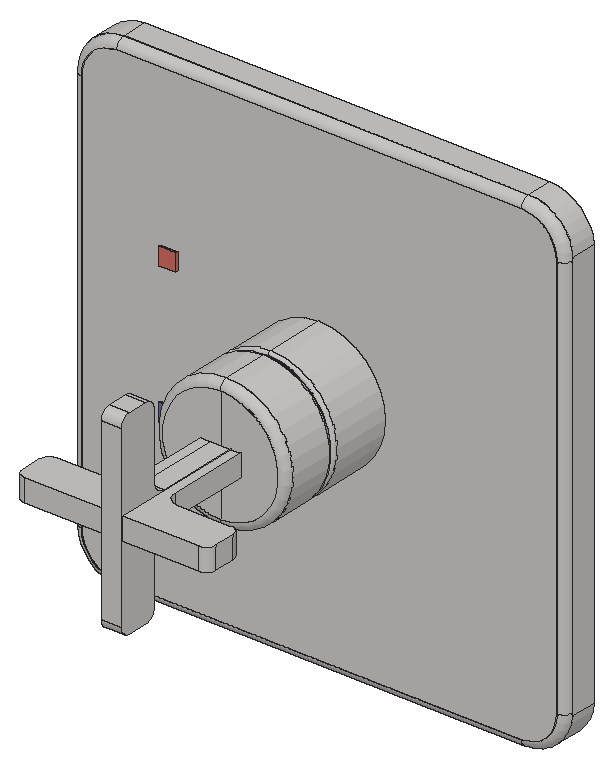
Revit family "CPT-25001", category Plumbing Fixtures, Revit 2023
Family settings
  Round Connector Dimension = Use Diameter
  Part Type = Normal
  OmniClass Number = 23.45.00.00
  OmniClass Title = Sanitary, Laundry, and Cleaning Equipment
  Work Plane-Based = No
  Enable Cutting in Views = No
  Always vertical = Yes
  Cut with Voids When Loaded = No
  Maintain Annotation Orientation = No
  Shared = No
  Room Calculation Point = No
Parameters
  Default Elevation = 0"
Reference planes (in)
  plane 1 "Center (Front/Back)": y = 0
  plane 2: z = 0
  plane 3 "Center (Left/Right)": x = 0
  plane 4: z = 7
  plane 5 "Center L/U": y = -0.5
  plane 6 "Center L/DD": x = -3.5
  plane 7 "Center L/EE": x = 3.5
  plane 8 "Center L/FF": y = -4.1875
  plane 9: z = 4.4375
  plane 10: z = 2.5625
  plane 11 "Center L/GG": y = -2.25
  plane 12: z = 4.875
  plane 13: z = 2.0625
Forms (in)
  Extrusion 1, solid, material "Default"
    sketch origin (0, 0, 0) x (1, 0, 0) y (0, 0, 1)
      loop
        arc (-2.875, 7) -> (-3.30186, 6.83122) -> (-3.5, 6.41718) r 0.62825
        line (-3.5, 6.41718) -> (-3.5, 0.58282)
        arc (-3.5, 0.58282) -> (-3.30186, 0.16878) -> (-2.875, 0) r 0.62825
        line (-2.875, 0) -> (2.875, 0)
        arc (2.875, 0) -> (3.30186, 0.16878) -> (3.5, 0.58282) r 0.62825
        line (3.5, 0.58282) -> (3.5, 6.41718)
        arc (3.5, 6.41718) -> (3.30186, 6.83122) -> (2.875, 7) r 0.62825
        line (2.875, 7) -> (-2.875, 7)
    from 0 to 0.36568
  Revolve 2, solid, material "Default"
    sketch origin (0, -0.63104, 1.5) x (0, 1, 0) y (0, 0, 1)
      loop
        line (0.13104, 2) -> (0.13104, 2.9375) -> (-0.72513, 2.9375)
        arc (-0.72513, 2.9375) -> (-0.75821, 2.9238) -> (-0.77191, 2.89072) r 0.04678
        line (-0.77191, 2.89072) -> (-0.77191, 2.3359) -> (-0.80646, 2.3359) -> (-0.80646, 2.89072)
        arc (-0.80646, 2.89072) -> (-0.82016, 2.9238) -> (-0.85324, 2.9375) r 0.04678
        line (-0.85324, 2.9375) -> (-1.50071, 2.9375)
        arc (-1.50071, 2.9375) -> (-1.58432, 2.90287) -> (-1.61896, 2.81925) r 0.11825
        line (-1.61896, 2.81925) -> (-1.61896, 2) -> (0.13104, 2)
      axis (-1.61896, 2) -> (0.13104, 2)
    angle from 0 to 360
  Extrusion 3, solid, material "Default"
    sketch origin (0, -0.8125, 1.46875) x (0, 1, 0) y (0, 0, 1)
      loop
        arc (-2.60573, 2.15625) -> (-2.7422, 2.21278) -> (-2.79873, 2.34925) r 0.193
        line (-2.79873, 2.34925) -> (-2.79873, 3.26598)
        arc (-2.79873, 3.26598) -> (-2.83981, 3.36517) -> (-2.939, 3.40625) r 0.14027
        line (-2.939, 3.40625) -> (-3.23473, 3.40625)
        arc (-3.23473, 3.40625) -> (-3.33392, 3.36517) -> (-3.375, 3.26598) r 0.14027
        line (-3.375, 3.26598) -> (-3.375, 0.73402)
        arc (-3.375, 0.73402) -> (-3.33392, 0.63483) -> (-3.23473, 0.59375) r 0.14027
        line (-3.23473, 0.59375) -> (-2.939, 0.59375)
        arc (-2.939, 0.59375) -> (-2.83981, 0.63483) -> (-2.79873, 0.73402) r 0.14027
        line (-2.79873, 0.73402) -> (-2.79873, 1.65075)
        arc (-2.79873, 1.65075) -> (-2.7422, 1.78722) -> (-2.60573, 1.84375) r 0.193
        line (-2.60573, 1.84375) -> (-1.4375, 1.84375) -> (-1.4375, 2.15625) -> (-2.60573, 2.15625)
    from -0.14062 to 0.14063
  Extrusion 4, solid, material "Default"
    sketch origin (2, -0.8125, 3.46875) x (0, 1, 0) y (-1, 0, 0)
      loop
        arc (-2.60573, 2.28125) -> (-2.7422, 2.33778) -> (-2.79873, 2.47425) r 0.193
        line (-2.79873, 2.47425) -> (-2.79873, 3.23473)
        arc (-2.79873, 3.23473) -> (-2.83981, 3.33392) -> (-2.939, 3.375) r 0.14027
        line (-2.939, 3.375) -> (-3.23473, 3.375)
        arc (-3.23473, 3.375) -> (-3.33392, 3.33392) -> (-3.375, 3.23473) r 0.14027
        line (-3.375, 3.23473) -> (-3.375, 0.76527)
        arc (-3.375, 0.76527) -> (-3.33392, 0.66608) -> (-3.23473, 0.625) r 0.14027
        line (-3.23473, 0.625) -> (-2.939, 0.625)
        arc (-2.939, 0.625) -> (-2.83981, 0.66608) -> (-2.79873, 0.76527) r 0.14027
        line (-2.79873, 0.76527) -> (-2.79873, 1.52575)
        arc (-2.79873, 1.52575) -> (-2.7422, 1.66222) -> (-2.60573, 1.71875) r 0.193
        line (-2.60573, 1.71875) -> (-1.4375, 1.71875) -> (-1.4375, 2.28125) -> (-2.60573, 2.28125)
    from -0.15625 to 0.15625
  Extrusion 5, solid, material "Default"
    sketch origin (0, -0.125, 0.125) x (1, 0, 0) y (0, 0, 1)
      loop
        arc (-2.875, 6.75) -> (-3.22855, 6.60355) -> (-3.375, 6.25) r 0.5
        line (-3.375, 6.25) -> (-3.375, 0.5)
        arc (-3.375, 0.5) -> (-3.22855, 0.14645) -> (-2.875, 0) r 0.5
        line (-2.875, 0) -> (2.875, 0)
        arc (2.875, 0) -> (3.22855, 0.14645) -> (3.375, 0.5) r 0.5
        line (3.375, 0.5) -> (3.375, 6.25)
        arc (3.375, 6.25) -> (3.22855, 6.60355) -> (2.875, 6.75) r 0.5
        line (2.875, 6.75) -> (-2.875, 6.75)
    from 0.24068 to 0.375
  Sweep 6, solid, material "Default"
    path origin (0, 0, 0) x (1, 0, 0) y (0, 0, 1)
      loop
        line (2.875, 6.875) -> (-2.875, 6.875)
        arc (-2.875, 6.875) -> (-3.22855, 6.72855) -> (-3.375, 6.375) r 0.5
        line (-3.375, 6.375) -> (-3.375, 0.625)
        arc (-3.375, 0.625) -> (-3.22855, 0.27145) -> (-2.875, 0.125) r 0.5
        line (-2.875, 0.125) -> (2.875, 0.125)
        arc (2.875, 0.125) -> (3.22855, 0.27145) -> (3.375, 0.625) r 0.5
        line (3.375, 0.625) -> (3.375, 6.375)
        arc (3.375, 6.375) -> (3.22855, 6.72855) -> (2.875, 6.875) r 0.5
    profile origin (0, 0, 6.875) x (0, 0, -1) y (0, -1, 0)
      loop
        line (-0.125, 0.36568) -> (0, 0.36568) -> (0, 0.49968)
        arc (0, 0.49968) -> (-0.0889, 0.45731) -> (-0.125, 0.36568) r 0.13432
  Extrusion 7, solid, material "Default Wall"
    sketch origin (0.13653, 0, 0) x (1, 0, 0) y (0, 0, 1)
      loop
        line (-2.39353, 4.61843) -> (-2.39353, 4.36843) -> (-2.14353, 4.36843) -> (-2.14353, 4.61843) -> (-2.39353, 4.61843)
    from 0.26321 to 0.53066
  Extrusion 8, solid, material "blue"
    sketch origin (0.13653, 0, 7) x (1, 0, 0) y (0, 0, 1)
      loop
        line (-2.39353, -4.61843) -> (-2.14353, -4.61843) -> (-2.14353, -4.36843) -> (-2.39353, -4.36843) -> (-2.39353, -4.61843)
    from 0.26321 to 0.53066
Dimensions and locks (in)
  plane 7 "Center L/EE" to plane 6 "Center L/DD" = 7"
  plane 4 to level = 7"
  plane 5 "Center L/U" to plane 1 "Center (Front/Back)" = 1/2"
  plane 10 to plane 9 = 1 7/8"
  plane 8 "Center L/FF" to plane 1 "Center (Front/Back)" = 4 3/16"
  plane 11 "Center L/GG" to plane 1 "Center (Front/Back)" = 2 1/4"
  plane 13 to plane 12 = 2 13/16"
  aligned and locked: level to plane 2
